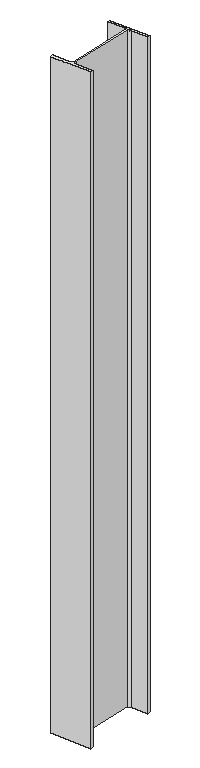
Revit family "UB-Universal Beam-Column", category 구조 기둥, Revit 2026
Family settings
  단면 모양 = 정의되지 않음
  모델 동작 재료 = 스틸
  항상 형상으로 내보내기 = 아니오
  평면의 보 전환 = 경계 상자에서
  로드될 때 보이드를 사용하여 절단 = 아니오
  기호 표현 = 프로젝트 설정에서
  공유 = 아니오
  평면도에서 미리 절단된 패밀리 표시 = 예
Parameters (values of type "305x165x40UB")
  Assembly Code = ""
  Structural Material [instance] = Metal - Steel - 345 MPa
  A = 0.00513 m²
  Ix = 8503
  M = 40.3
  Nominal h = "305"
  Zx = 560
  b = 165 mm
  h = 303.4 mm
  r = 8.9 mm
  s = 6 mm
  t = 10.2 mm
Reference planes
  plane 1: y = 0
  plane 2: z = 0
  plane 3: x = 0
  plane 4: x = -82.5
  plane 5: x = 82.5
  plane 6: y = 151.7
  plane 7: y = -151.7
  plane 8: x = -3.969
  plane 9: x = 3.969
Forms (mm)
  Extrusion 1, solid, material "Metal - Steel - 345 MPa" <- "Structural Material", detail levels medium
    sketch origin (0, 0, 0) x (1, 0, 0) y (0, 1, 0)
      loop
        line (-82.5, 151.7) -> (-82.5, 141.5) -> (-3, 141.5) -> (-3, -141.5) -> (-82.5, -141.5) -> (-82.5, -151.7) -> (82.5, -151.7) -> (82.5, -141.5) -> (3, -141.5) -> (3, 141.5) -> (82.5, 141.5) -> (82.5, 151.7) -> (-82.5, 151.7)
    from 0 to 2500
  Extrusion 2, solid, material "Metal - Steel - 345 MPa" <- "Structural Material", detail levels fine
    sketch origin (0, 0, 0) x (1, 0, 0) y (0, 1, 0)
      loop
        line (-82.5, 151.7) -> (-82.5, 141.5) -> (-11.9, 141.5)
        arc (-11.9, 141.5) -> (-5.607, 138.893) -> (-3, 132.6) r 8.9
        line (-3, 132.6) -> (-3, -132.6)
        arc (-3, -132.6) -> (-5.607, -138.893) -> (-11.9, -141.5) r 8.9
        line (-11.9, -141.5) -> (-82.5, -141.5) -> (-82.5, -151.7) -> (82.5, -151.7) -> (82.5, -141.5) -> (11.9, -141.5)
        arc (11.9, -141.5) -> (5.607, -138.893) -> (3, -132.6) r 8.9
        line (3, -132.6) -> (3, 132.6)
        arc (3, 132.6) -> (5.607, 138.893) -> (11.9, 141.5) r 8.9
        line (11.9, 141.5) -> (82.5, 141.5) -> (82.5, 151.7) -> (-82.5, 151.7)
    from 0 to 2500
Lines and regions (mm)
  symbolic lines, style "StructuralColumnStickSymbols", detail levels coarse
    curve 1: line (-82.5, 151.7, 0) -> (82.5, 151.7, 0)
    curve 2: line (-82.5, -151.7, 0) -> (82.5, -151.7, 0)
    curve 3: line (0, 151.7, 0) -> (0, -151.7, 0)
  symbolic lines, style "Hidden Faces", detail levels medium+fine
    curve 4: line (-3.969, 0, 0) -> (-3.969, 0, 2500)
    curve 5: line (3.969, 0, 2500) -> (3.969, 0, 0)
Dimensions and locks
  equal spacing: plane 4, plane 3, plane 5
  equal spacing: plane 7, plane 1, plane 6
  "h": plane 7 to plane 6
  "b": plane 4 to plane 5
  "t": plane 7 to Extrusion 1 sketch curve
  "t": Extrusion 1 sketch curve to plane 6
  equal spacing: Extrusion 1 sketch curve, plane 3, Extrusion 1 sketch curve
  "s": Extrusion 1 sketch curve to Extrusion 1 sketch curve
  "r": radius of Extrusion 2 sketch curve  (x4)
  aligned and locked: plane 6 to Extrusion 1 sketch curve
  aligned and locked: Extrusion 1 sketch curve to plane 7
  aligned and locked: Extrusion 1 sketch curve to plane 4  (x2)
  aligned and locked: plane 5 to Extrusion 1 sketch curve  (x2)
  aligned and locked: Extrusion 1 sketch curve to Extrusion 1 sketch curve  (x2)
  aligned and locked: level to Extrusion 1
  aligned and locked: level to plane 2
  aligned and locked: Extrusion 1 to plane 2
  aligned and locked: plane 6 to Extrusion 2 sketch curve
  aligned and locked: plane 5 to Extrusion 2 sketch curve  (x2)
  aligned and locked: Extrusion 2 sketch curve to plane 4  (x2)
  aligned and locked: Extrusion 2 sketch curve to Extrusion 1  (x6)
  aligned and locked: Extrusion 2 sketch curve to plane 7
  aligned and locked: level to Extrusion 2
  aligned and locked: Extrusion 2 to level
Automatic sketch dimensions
  curve 2 to plane 4 = 0 mm
  curve 1 to plane 4 = 0 mm
  curve 3 to plane 3 = 0 mm
  curve 2 to plane 5 = 0 mm
  curve 1 to plane 5 = 0 mm
  curve 3 to plane 7 = 0 mm
  curve 3 to plane 6 = 0 mm
  curve 4 to level = 0 mm  (x2)
  curve 4 to plane 8 = 0 mm
  curve 5 to level = 0 mm  (x2)
  curve 5 to plane 9 = 0 mm
